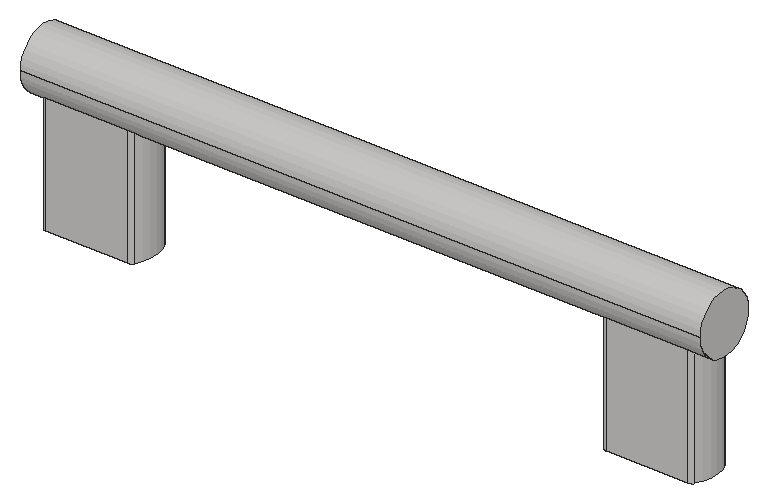
Revit family "Opal Support Rail 300 STR", category Plumbing Fixtures, host Face, Revit 2016
Family settings
  Host = Face
  Part Type = Normal
  Round Connector Dimension = Use Radius
  OmniClass Number = 23.40.20.21.47
  OmniClass Title = Bath Grab Bars
  Cut with Voids When Loaded = No
  Shared = No
  Room Calculation Point = No
Parameters (values of type "OPAL SUPPORT RAIL 300 STR")
  Waste Connection = no
  Vent Connection = no
  URL = "https://www.caroma.com.au/"
  Rail_Width = 300 mm
  Rail_Height = 75 mm
  Model = "687375C"
  Material_Base = GWA_Metal-Stainless
  Manufacturer = "GWA Bathrooms & Kitchens"  # constant formula
  HW Connection = no
  Description = "Opal Support Rail 300 STR"
  Default Elevation = 0 mm
  CreatedBy_ANZRS = "GWA Bathrooms & Kitchens"  # constant formula
  CW Connection = no
  Assembly Code = "C1030200"
Types (4, lengths in mm): name | Rail_Width | Model | Description
  (no name) | 300 | "687375C" | "Opal Support Rail 300 STR"
  OPAL SUPPORT RAIL 300 STR | 300 | "687375C" | "Opal Support Rail 300 STR"
  OPAL SUPPORT RAIL 450 STR | 450 | "687376C" | "Opal Support Rail 450 STR"
  OPAL SUPPORT RAIL 600 STR | 600 | "687377C" | "Opal Support Rail 600 STR"
Reference planes
  plane 1 "Center (Front/Back)": y = 0
  plane 2: z = 0
  plane 3 "Center (Left/Right)": x = 0
  plane 4 "Left": x = -150
  plane 5 "Right": x = 150
  plane 6 "Rail_Centre": z = 75
Forms (mm)
  Extrusion 1, solid, material "GWA_Metal-Stainless" <- "Material_Base"
    sketch origin (0, 0, 0) x (1, 0, 0) y (0, 1, 0)
      loop
        line (-128.278, 11.5) -> (-171.722, 11.5)
        arc (-171.722, 11.5) -> (-173.222, 11.098) -> (-174.321, 10) r 3
        arc (-174.321, 10) -> (-177, 0) -> (-174.321, -10) r 20
        arc (-174.321, -10) -> (-173.222, -11.098) -> (-171.722, -11.5) r 3
        line (-171.722, -11.5) -> (-128.278, -11.5)
        arc (-128.278, -11.5) -> (-126.778, -11.098) -> (-125.679, -10) r 3
        arc (-125.679, -10) -> (-123, 0) -> (-125.679, 10) r 20
        arc (-125.679, 10) -> (-126.778, 11.098) -> (-128.278, 11.5) r 3
    from 0 to 75
  Extrusion 2, solid, material "GWA_Metal-Stainless" <- "Material_Base"
    sketch origin (0, 0, 0) x (1, 0, 0) y (0, 1, 0)
      loop
        line (171.722, 11.5) -> (128.278, 11.5)
        arc (128.278, 11.5) -> (126.778, 11.098) -> (125.679, 10) r 3
        arc (125.679, 10) -> (123, 0) -> (125.679, -10) r 20
        arc (125.679, -10) -> (126.778, -11.098) -> (128.278, -11.5) r 3
        line (128.278, -11.5) -> (171.722, -11.5)
        arc (171.722, -11.5) -> (173.222, -11.098) -> (174.321, -10) r 3
        arc (174.321, -10) -> (177, 0) -> (174.321, 10) r 20
        arc (174.321, 10) -> (173.222, 11.098) -> (171.722, 11.5) r 3
    from 0 to 75
  Extrusion 3, void
    sketch origin (-150, 0, 0) x (0, 1, 0) y (0, 0, 1)
      loop
        circle (0, 75) r 16
    from -30 to 30
  Extrusion 4, void
    sketch origin (150, 50, 0) x (0, 1, 0) y (0, 0, 1)
      loop
        circle (-50, 75) r 16
    from -30 to 30
  Extrusion 5, solid, material "GWA_Metal-Stainless" <- "Material_Base"
    sketch origin (0, 0, 0) x (0, 1, 0) y (0, 0, 1)
      loop
        circle (0, 75) r 16
    from -182 to 181.99
Cuts and joins
  Extrusion 3, Extrusion 4 cuts Extrusion 1
  Extrusion 4 cuts Extrusion 2
Lines and regions (mm)
  Masking region 1
    outline origin (0, 0, 40) x (-1, 0, 0) y (0, -1, 0)
      loop
        line (182, -16) -> (182, 16) -> (-181.99, 16) -> (-181.99, -16) -> (182, -16)
  Masking region 2
    outline origin (0, 0, 0) x (1, 0, 0) y (0, 0, 1)
      loop
        line (-182, 91) -> (-182, 59) -> (-177, 59) -> (-177, 0) -> (-123, 0) -> (-123, 59) -> (123, 59) -> (123, 0) -> (177, 0) -> (177, 59) -> (181.99, 59) -> (181.99, 91) -> (-182, 91)
  Masking region 3
    outline origin (0, 0, 0) x (0, 1, 0) y (0, 0, 1)
      loop
        line (-11.5, 0) -> (11.5, 0) -> (11.5, 63.876)
        arc (11.5, 63.876) -> (0, 91) -> (-11.5, 63.876) r 16
        line (-11.5, 63.876) -> (-11.5, 0)
  symbolic lines
    curve 1: line (-182, 16, 40) -> (181.99, 16, 40)
    curve 2: line (-182, -16, 40) -> (-182, 16, 40)
    curve 3: line (181.99, -16, 40) -> (-182, -16, 40)
    curve 4: line (181.99, 16, 40) -> (181.99, -16, 40)
    curve 5: line (128.226, 0, 63.876) -> (171.774, 0, 63.876)
    curve 6: line (123, 0, 0) -> (123, 0, 59)
    curve 7: line (123, 0, 0) -> (177, 0, 0)
    curve 8: line (177, 0, 0) -> (177, 0, 59)
    curve 9: line (-177, 0, 0) -> (-177, 0, 59)
    curve 10: line (-177, 0, 0) -> (-123, 0, 0)
    curve 11: line (-123, 0, 0) -> (-123, 0, 59)
    curve 12: line (181.99, 0, 59) -> (177, 0, 59)
    curve 13: line (-182, 0, 59) -> (-182, 0, 91)
    curve 14: line (-182, 0, 91) -> (181.99, 0, 91)
    curve 15: line (181.99, 0, 91) -> (181.99, 0, 59)
    curve 16: line (123, 0, 59) -> (-123, 0, 59)
    curve 17: line (-177, 0, 59) -> (-182, 0, 59)
    curve 18: line (177, 0, 59) -> (174.152, 0, 62.704)
    curve 19: arc (171.774, 0, 63.876) -> (173.099, 0, 63.567) -> (174.152, 0, 62.704) r 3
    curve 20: line (123, 0, 59) -> (125.848, 0, 62.704)
    curve 21: arc (128.226, 0, 63.876) -> (126.901, 0, 63.567) -> (125.848, 0, 62.704) r 3
    curve 22: line (-128.226, 0, 63.876) -> (-171.774, 0, 63.876)
    curve 23: line (-177, 0, 59) -> (-174.152, 0, 62.704)
    curve 24: arc (-171.774, 0, 63.876) -> (-173.099, 0, 63.567) -> (-174.152, 0, 62.704) r 3
    curve 25: line (-123, 0, 59) -> (-125.848, 0, 62.704)
    curve 26: arc (-128.226, 0, 63.876) -> (-126.901, 0, 63.567) -> (-125.848, 0, 62.704) r 3
    curve 27: line (0, -11.5, 0) -> (0, -11.5, 63.876)
    curve 28: line (0, 11.5, 0) -> (0, 11.5, 63.876)
    curve 29: circle (0, 0, 75) r 16 normal (1, 0, 0)
    curve 30: line (0, -11.5, 0) -> (0, 11.5, 0)
Dimensions and locks
  "Rail_Width": plane 4 "Left" to plane 5 "Right"
  equal spacing: plane 4 "Left", plane 3 "Center (Left/Right)", plane 5 "Right"
  "Rail_Height": plane 6 "Rail_Centre" to host face
  locked: plane 5 "Right" to Extrusion 5 at 31.99
  locked: Extrusion 5 to plane 4 "Left" at 32
  aligned and locked: plane 2 to host face
  aligned and locked: level to host face
  aligned and locked: Masking region 1 sketch curve to curve 1
  aligned and locked: Masking region 1 sketch curve to Extrusion 5  (x2)
  aligned and locked: Masking region 1 sketch curve to curve 3
Automatic sketch dimensions
  host sketch curve to host sketch curve = 2438.4 mm  (x2)
  Extrusion 3 sketch curve to plane 1 "Center (Front/Back)" = 0 mm
  Extrusion 3 sketch curve to plane 6 "Rail_Centre" = 0 mm
  Extrusion 4 sketch curve to plane 6 "Rail_Centre" = 0 mm
  plane 1 "Center (Front/Back)" to Extrusion 4 sketch curve = 0 mm
  Extrusion 5 sketch curve to plane 1 "Center (Front/Back)" = 0 mm
  Extrusion 5 sketch curve to plane 6 "Rail_Centre" = 0 mm
  curve 10 to level = 0 mm
  curve 7 to level = 0 mm
  curve 13 to plane 4 "Left" = 32 mm
  curve 13 to curve 23 = 5 mm
  curve 23 to plane 6 "Rail_Centre" = 12.296 mm
  curve 23 to curve 23 = 2.848 mm
  curve 23 to curve 22 = 2.378 mm
  plane 4 "Left" to curve 26 = 21.774 mm
  curve 25 to plane 6 "Rail_Centre" = 12.296 mm
  curve 26 to curve 25 = 2.378 mm
  plane 4 "Left" to curve 10 = 27 mm
  curve 7 to plane 5 "Right" = 27 mm
  curve 6 to curve 20 = 2.848 mm
  curve 20 to curve 21 = 2.378 mm
  curve 19 to plane 6 "Rail_Centre" = 14.124 mm
  plane 5 "Right" to curve 19 = 21.774 mm
  curve 5 to curve 18 = 2.378 mm
  plane 5 "Right" to curve 8 = 27 mm
  curve 19 to curve 15 = 10.216 mm
  curve 9 to curve 24 = 3.704 mm
  curve 6 to plane 6 "Rail_Centre" = 16 mm
  curve 8 to curve 19 = 1.876 mm
  curve 24 to curve 23 = 1.829 mm
  curve 6 to curve 21 = 1.876 mm
  curve 19 to curve 18 = 1.829 mm
  plane 6 "Rail_Centre" to curve 14 = 16 mm
  plane 5 "Right" to curve 1 = 31.99 mm
  plane 1 "Center (Front/Back)" to curve 3 = 16 mm
  curve 3 to plane 4 "Left" = 32 mm
  curve 1 to plane 1 "Center (Front/Back)" = 16 mm
  plane 1 "Center (Front/Back)" to Extrusion 1 sketch curve = 0 mm  (x2)
  Extrusion 1 sketch curve to plane 1 "Center (Front/Back)" = 8.5 mm
  Extrusion 1 sketch curve to plane 4 "Left" = 21.722 mm
  plane 1 "Center (Front/Back)" to Extrusion 1 sketch curve = 8.5 mm  (x2)
  Extrusion 1 sketch curve to Extrusion 1 sketch curve = 0 mm  (x3)
  Extrusion 1 sketch curve to plane 4 "Left" = 7 mm
  plane 4 "Left" to Extrusion 1 sketch curve = 7 mm
  Extrusion 1 sketch curve to Extrusion 1 sketch curve = 14.722 mm  (x2)
  Extrusion 1 sketch curve to plane 1 "Center (Front/Back)" = 11.5 mm
  Extrusion 1 sketch curve to Extrusion 1 sketch curve = 3 mm  (x2)
  plane 1 "Center (Front/Back)" to Extrusion 2 sketch curve = 0 mm  (x2)
  Extrusion 2 sketch curve to plane 1 "Center (Front/Back)" = 8.5 mm
  Extrusion 2 sketch curve to plane 5 "Right" = 21.722 mm
  plane 1 "Center (Front/Back)" to Extrusion 2 sketch curve = 8.5 mm  (x2)
  Extrusion 2 sketch curve to Extrusion 2 sketch curve = 0 mm  (x3)
  Extrusion 2 sketch curve to plane 5 "Right" = 7 mm
  plane 5 "Right" to Extrusion 2 sketch curve = 7 mm
  Extrusion 2 sketch curve to Extrusion 2 sketch curve = 14.722 mm  (x2)
  Extrusion 2 sketch curve to plane 1 "Center (Front/Back)" = 11.5 mm
  Extrusion 2 sketch curve to Extrusion 2 sketch curve = 3 mm  (x2)
  Masking region 2 sketch curve to level = 0 mm  (x2)
  Masking region 2 sketch curve to plane 4 "Left" = 32 mm
  Masking region 2 sketch curve to Masking region 2 sketch curve = 5 mm
  plane 4 "Left" to Masking region 2 sketch curve = 27 mm
  Masking region 2 sketch curve to plane 5 "Right" = 27 mm
  plane 5 "Right" to Masking region 2 sketch curve = 27 mm
  plane 5 "Right" to Masking region 2 sketch curve = 31.99 mm
  Masking region 2 sketch curve to plane 6 "Rail_Centre" = 16 mm  (x3)
  plane 6 "Rail_Centre" to Masking region 2 sketch curve = 16 mm
  Masking region 3 sketch curve to plane 6 "Rail_Centre" = 11.124 mm  (x2)
  Masking region 3 sketch curve to level = 0 mm
  Masking region 3 sketch curve to plane 1 "Center (Front/Back)" = 0 mm
  Masking region 3 sketch curve to plane 1 "Center (Front/Back)" = 11.5 mm
  Masking region 3 sketch curve to plane 6 "Rail_Centre" = 0 mm
  curve 27 to level = 0 mm
  curve 29 to plane 1 "Center (Front/Back)" = 0 mm
  curve 29 to plane 6 "Rail_Centre" = 0 mm
  plane 1 "Center (Front/Back)" to curve 27 = 11.5 mm
  curve 28 to plane 1 "Center (Front/Back)" = 11.5 mm
  curve 28 to plane 6 "Rail_Centre" = 11.124 mm
  radius of Extrusion 3 sketch curve = 16 mm
  radius of Extrusion 4 sketch curve = 16 mm
  radius of Extrusion 5 sketch curve = 16 mm
